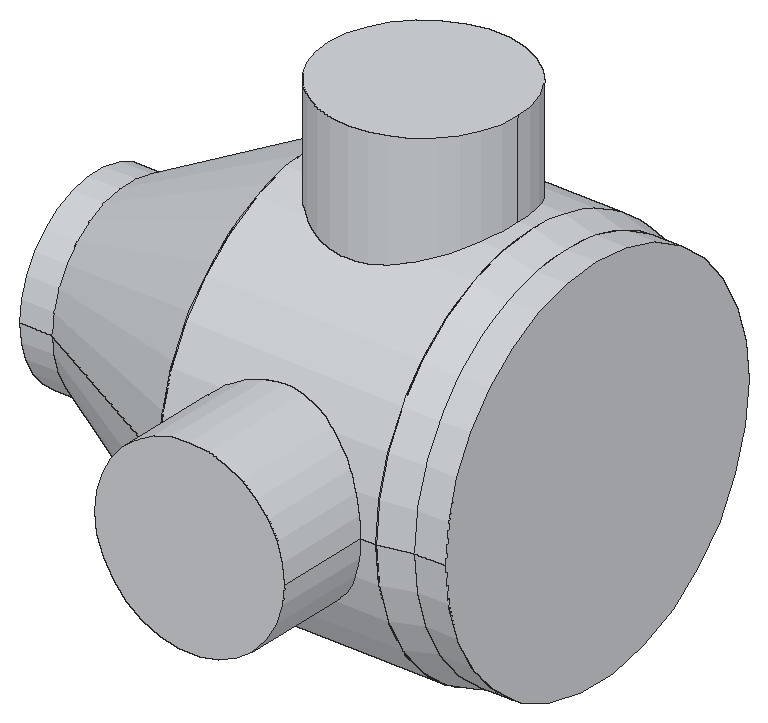
Revit family "cb47bc67f0fc43dfa3734d095f9f09b2", category Duct Fittings, Revit 2021
Family settings
  Round Connector Dimension = Use Radius
  Part Type = Multi Port
  OmniClass Number = 23.75.70.14
  OmniClass Title = Air Ductwork
  Seek Item ID = Round Transition Lateral Cross - 90 Degree - DTL-0000-USA-ENU
  Work Plane-Based = No
  Always vertical = Yes
  Cut with Voids When Loaded = No
  Shared = No
Parameters (values of type "Standard")
  Length Out 1 [instance] = if(Length Out = 0' 0", 0' 0 1/32", Length Out)  # 12"
  Length In 1 [instance] = if(Length In = 0' 0", 0' 0 1/32", Length In)  # 2"
  Default Elevation = 0' - 0"
  Collar Out [instance] = 2"
  Collar In 1 [instance] = if(Collar In = 0' 0", 0' 0 1/32", Collar In)  # 2"
  Collar Out 1 [instance] = if(Collar Out = 0' 0", 0' 0 1/32", Collar Out)  # 2"
  Reference [instance] = (Collar Out 1 + Collar In 1 + Length In 1 + Length Out 1 + Length 14) * 2  # 63 1/2"
  Tap 2 Radius [instance] = 6"
  Tap 1 Radius [instance] = 6"
  Radius In [instance] = 12"
  Radius Out [instance] = 6"
  Offset 4 [instance] = Body Radius + Tap 2 Offset From Center  # 12 1/2"
  Offset 3 [instance] = Body Radius + Tap 1 Offset From Center  # 12 1/2"
  Tap 2 Offset From Center [instance] = 0"
  Tap 1 Offset From Center [instance] = 0"
  Length 9 Horizontal [instance] = if(Tap 2 Angle 1 = 90.00°, Length In + Collar In 1 + abs(Tap 2 Radius / sin(Tap 2 Angle 1)) + Tap 2 Insert + Reference / 2, Length In + Collar In 1 + abs(Tap 2 Radius / sin(Tap 2 Angle 1)) + Tap 2 Insert + (Radius 1) / tan(Tap 2 Angle 1) + Reference / 2)  # 42 3/4"
  Length 8 Horizontal [instance] = if(Tap 1 Angle 1 = 90.00°, Length In + Collar In 1 + abs(Tap 1 Radius / sin(Tap 1 Angle 1)) + Tap 1 Insert + Reference / 2, Length In + Collar In 1 + abs(Tap 1 Radius / sin(Tap 1 Angle 1)) + Tap 1 Insert + (Radius 1) / tan(Tap 1 Angle 1) + Reference / 2)  # 42 3/4"
  Length 9 [instance] = if(Tap 2 Angle 1 = 90.00°, Tap 2 Length + Length 10, Length 10 + Tap 2 Length + abs(Tap 2 Radius / tan(Tap 2 Angle 1)))  # 18 1/2"
  Length 8 [instance] = if(Tap 1 Angle 1 = 90.00°, Tap 1 Length + Length 11, Length 11 + Tap 1 Length + abs(Tap 1 Radius / tan(Tap 1 Angle 1)))  # 18 1/2"
  Length 7 [instance] = Length In + Collar In 1  # 4"
  Length 6 [instance] = Length Out + Collar Out 1  # 14"
  Tap 1 Length [instance] = 6"
  Tap 2 Length [instance] = 6"
  Length In [instance] = 2"
  Length Out [instance] = 12"
  Length 14 [instance] = Body Length  # 13 3/4"
  Length 13 [instance] = if(Tap 2 Offset From Center = 0' 0", Body Radius - 0' 0 3/256", Offset 4)  # 12 125/256"
  Length 12 [instance] = if(Tap 1 Offset From Center = 0' 0", 0' 0 3/256" + Body Radius, Offset 3)  # 12 131/256"
  Length 11 [instance] = Radius 1 / sin(Tap 1 Angle 1)  # 12 1/2"
  Length 10 [instance] = Radius 1 / sin(Tap 2 Angle 1)  # 12 1/2"
  Collar In [instance] = 2"
  Body Length [instance] = 13 3/4"
  Tap 2 Insert [instance] = 1"
  Tap 1 Insert [instance] = 1"
  Tap 2 Diameter [instance] = Tap 2 Radius * 2  # 12"
  Tap 1 Diameter [instance] = Tap 1 Radius * 2  # 12"
  Diameter In [instance] = Radius In * 2  # 24"
  Diameter Out [instance] = Radius Out * 2  # 12"
  Radius 1 [instance] = if(and(Body Radius < Radius Out, Radius Out > Radius In), Radius Out, if(and(Body Radius < Radius In, Radius In > Radius Out), Radius In, Body Radius))  # 12 1/2"
  Body Radius [instance] = 12 1/2"
  Body Diameter [instance] = Body Radius * 2  # 25"
  Assembly Code = ""
  Tap 2 Angle 1 [instance] = 90.00°
  Tap 1 Angle 1 [instance] = 90.00°
Reference planes (in)
  plane 1 "Center (Front/Back)": y = 0
  plane 2: z = 0
  plane 3 "Center (Left/Right)": x = 0
  plane 4: x = -6.875
  plane 5: x = 6.875
  plane 6: x = -18.875
  plane 7: x = -20.875
  plane 8: x = 10.875
  plane 9: x = 8.875
  plane 10: x = -0.125
  plane 11: y = 12.5
  plane 12: y = -12.5
  plane 13: z = 0
  plane 14: z = -12.5
  plane 15: x = -0.125
  plane 16: z = 0.01172
  plane 17: y = 0
  plane 18: y = -0.01172
  plane 19: x = 42.625
Forms (in)
  SweptBlend 1, solid, detail levels medium+fine
    path in 3D
      loop
        line (-6.875, 0, 0) -> (-18.875, 0, 0)
    profile origin (-6.875, 0, 0) x (0, -1, 0) y (0, 0, 1)
      loop
        circle (0, 0) r 12.5
    end profile origin (-18.875, 0, 0) x (0, -1, 0) y (0, 0, 1)
      loop
        circle (0, 0) r 6
  SweptBlend 2, solid, detail levels medium+fine
    path in 3D
      loop
        line (6.875, 0, 0) -> (8.875, 0, 0)
    profile origin (6.875, 0, 0) x (0, 1, 0) y (0, 0, 1)
      loop
        circle (0, 0) r 12.5
    end profile origin (8.875, 0, 0) x (0, 1, 0) y (0, 0, 1)
      loop
        circle (0, 0) r 12
  Sweep 3, solid, detail levels medium+fine
    path in 3D
      loop
        line (-20.875, 0, 0) -> (-6.875, 0, 0)
    profile origin (-13.875, 0, 0) x (0, 1, 0) y (0, 0, 1)
      loop
        circle (0, 0) r 6
  Sweep 4, solid, detail levels medium+fine
    path in 3D
      loop
        line (6.875, 0, 0) -> (10.875, 0, 0)
    profile origin (8.875, 0, 0) x (0, 1, 0) y (0, 0, 1)
      loop
        circle (0, 0) r 12
  Sweep 5, solid, detail levels medium+fine
    path in 3D
      loop
        line (-6.875, 0, 0) -> (6.875, 0, 0)
    profile origin (0, 0, 0) x (0, 1, 0) y (0, 0, 1)
      loop
        circle (0, 0) r 12.5
  Sweep 6, solid, detail levels medium+fine
    path in 3D
      loop
        line (-0.125, 0, 0) -> (-0.125, -18.5, 0)
    profile origin (-0.125, -9.25, 0) x (1, 0, 0) y (0, 0, 1)
      loop
        circle (0, 0) r 6
  Sweep 7, solid, not visible
    path in 3D
      loop
        line (-0.125, 0, 0) -> (-0.125, -18.5, 0)
    profile origin (-0.125, -9.25, 0) x (1, 0, 0) y (0, 0, 1)
      loop
        line (0, 6) -> (0, 0) -> (6, 0)
        arc (6, 0) -> (4.24264, 4.24264) -> (0, 6) r 6
  Sweep 8, solid, detail levels medium+fine
    path in 3D
      loop
        line (-0.125, 0, 0) -> (-0.125, 0, 18.5)
    profile origin (-0.125, 0, 9.25) x (-1, 0, 0) y (0, -1, 0)
      loop
        circle (0, 0) r 6
  Sweep 9, solid, not visible
    path in 3D
      loop
        line (-0.125, 0, 0) -> (-0.125, 0, 18.5)
    profile origin (-0.125, 0, 9.25) x (-1, 0, 0) y (0, -1, 0)
      loop
        line (0, -6) -> (0, 0) -> (-6, 0)
        arc (-6, 0) -> (-4.24264, -4.24264) -> (0, -6) r 6
Cuts and joins
  joined: SweptBlend 1, Sweep 3
  joined: SweptBlend 2, Sweep 4
  joined: Sweep 5, Sweep 6, Sweep 8
Lines and regions (in)
  model lines, detail levels coarse
    curve 1: line (-6.875, 0, 0) -> (6.875, 0, 0)
    curve 2: line (-6.875, 0, 0) -> (-18.875, 0, 0)
    curve 3: line (6.875, 0, 0) -> (8.875, 0, 0)
    curve 6: line (-20.875, 0, 0) -> (-6.875, 0, 0)
    curve 8: line (6.875, 0, 0) -> (10.875, 0, 0)
    curve 14: line (-0.125, 0, 0) -> (-0.125, -18.5, 0)
    curve 15: line (-0.125, 0, 0.01172) -> (-0.125, 0, 0)
    curve 19: line (-0.125, 0, 18.5) -> (-0.125, 0, 0)
    curve 20: line (-0.125, -0.01172, 0) -> (-0.125, 0, 0)
  sketch lines
    curve 4: line (-6.875, 0, 0) -> (-18.875, 0, 0)
    curve 5: line (6.875, 0, 0) -> (8.875, 0, 0)
    curve 7: line (-20.875, 0, 0) -> (-6.875, 0, 0)
    curve 9: line (6.875, 0, 0) -> (10.875, 0, 0)
    curve 10: line (-6.875, 0, 0) -> (6.875, 0, 0)
    curve 12: line (-0.125, 0, 0) -> (-0.125, -18.5, 0)
    curve 13: line (-0.125, 0, 0) -> (-0.125, -18.5, 0)
    curve 17: line (-0.125, 0, 0) -> (-0.125, 0, 18.5)
    curve 18: line (-0.125, 0, 0) -> (-0.125, 0, 18.5)
  reference lines
    curve 11: line (-0.125, 0, 0) -> (-0.125, -18.5, 0)
    curve 16: line (-0.125, 0, 0) -> (-0.125, 0, 18.5)
Dimensions and locks (in)
  equal spacing: plane 4, plane 3 "Center (Left/Right)", plane 5
  "Length 14": plane 4 to plane 5
  "Length Out 1": plane 6 to plane 4
  "Length In 1": plane 5 to plane 9
  "Body Radius": plane 11 to plane 1 "Center (Front/Back)"
  "Body Radius": plane 12 to plane 1 "Center (Front/Back)"
  "Body Radius": plane 2 to plane 14
  "Offset 3": plane 13 to plane 14
  "Length 8": curve 11 to curve 11
  "Length 12": plane 16 to plane 14
  "Offset 4": plane 17 to plane 12
  "Length 13": plane 18 to plane 12
  "Length 9": curve 16 to curve 16
  "Reference": plane 7 to plane 19
  "Length 8 Horizontal": plane 15 to plane 19
  "Length 9 Horizontal": plane 10 to plane 19
  "Collar In 1": plane 9 to plane 8
  "Collar Out 1": plane 7 to plane 6
  "Radius 1": radius of SweptBlend 1 sketch curve
  "Radius Out": radius of SweptBlend 1 sketch curve
  "Radius 1": radius of SweptBlend 2 sketch curve
  "Radius In": radius of SweptBlend 2 sketch curve
  "Radius Out": radius of Sweep 3 sketch curve
  "Radius In": radius of Sweep 4 sketch curve
  "Radius 1": radius of Sweep 5 sketch curve
  "Tap 1 Radius": radius of Sweep 6 sketch curve
  "Tap 1 Radius": radius of Sweep 7 sketch curve
  "Tap 2 Radius": radius of Sweep 8 sketch curve
  "Tap 2 Radius": radius of Sweep 9 sketch curve
  "Tap 1 Angle 1": angle curve 11 to plane 1 "Center (Front/Back)"
  "Tap 2 Angle 1": angle plane 2 to curve 16
  aligned and locked: plane 1 "Center (Front/Back)" to curve 1
  aligned and locked: plane 5 to curve 1
  aligned and locked: plane 6 to curve 2
  aligned and locked: plane 9 to curve 3
  aligned and locked: plane 2 to SweptBlend 1 sketch curve  (x2)
  aligned and locked: plane 1 "Center (Front/Back)" to SweptBlend 1 sketch curve  (x2)
  aligned and locked: plane 1 "Center (Front/Back)" to SweptBlend 2 sketch curve  (x2)
  aligned and locked: plane 2 to SweptBlend 2 sketch curve  (x2)
  aligned and locked: plane 1 "Center (Front/Back)" to curve 6
  aligned and locked: plane 4 to curve 6
  aligned and locked: plane 7 to curve 6
  aligned and locked: plane 1 "Center (Front/Back)" to Sweep 3 sketch curve
  aligned and locked: plane 2 to Sweep 3 sketch curve
  aligned and locked: plane 8 to curve 8
  aligned and locked: plane 1 "Center (Front/Back)" to Sweep 4 sketch curve
  aligned and locked: plane 2 to Sweep 4 sketch curve
  aligned and locked: plane 2 to Sweep 5 sketch curve
  aligned and locked: plane 1 "Center (Front/Back)" to Sweep 5 sketch curve
  aligned and locked: plane 1 "Center (Front/Back)" to curve 11
  aligned and locked: plane 15 to curve 11
  aligned and locked: plane 13 to Sweep 6 sketch curve
  aligned and locked: plane 13 to Sweep 7 sketch curve
  aligned and locked: plane 16 to curve 15
  aligned and locked: plane 2 to curve 16
  aligned and locked: plane 10 to curve 16
  aligned and locked: plane 17 to Sweep 9 sketch curve
  aligned and locked: plane 18 to curve 20
  aligned and locked: plane 17 to Sweep 8 sketch curve
Automatic sketch dimensions
  Sweep 6 sketch curve to profile plane = 0' - 0"
  Sweep 7 sketch curve to profile plane = 0' - 0"
  Sweep 7 sketch curve to Sweep 7 sketch curve = 0' - 0"
  curve 14 to Sweep 7 = 0' - 0"  (x3)
  curve 15 to level = 0' - 0"
  curve 15 to plane 1 "Center (Front/Back)" = 0' - 0"
  plane 13 to curve 15 = 0' - 0 3/256"
  Sweep 8 sketch curve to profile plane = 0' - 0"
  Sweep 9 sketch curve to profile plane = 0' - 0"
  curve 19 to Sweep 9 = 0' - 0"  (x3)
  curve 20 to plane 10 = 0' - 0"
Connectors (in)
  hvac at (-20.875, 0, 0), driven by "Radius Out"
    settings: on cut or joined group of SweptBlend 1, Sweep 3, index 1, duct flow 0 CFM, flow factor 0, pres drop 0.00 in-wg, loss coef 0, conn angle 0.00°, conn width 12", conn height 12", conn diameter 12", duct sys type 28, conn prof type 0, flow config 0, flow direction 0, loss method 0, conn ref index 2, conn util no, is conn primary yes, conn desc ""
  hvac at (10.875, 0, 0), driven by "Radius In"
    settings: on cut or joined group of SweptBlend 2, Sweep 4, index 2, duct flow 0 CFM, flow factor 0, pres drop 0.00 in-wg, loss coef 0, conn angle 0.00°, conn width 12", conn height 12", conn diameter 24", duct sys type 28, conn prof type 0, flow config 0, flow direction 0, loss method 0, conn ref index 1, conn util no, is conn primary no, conn desc ""
  hvac at (-0.125, -18.5, 0), driven by "Tap 1 Radius", driven by "Tap 1 Angle 1"
    settings: on cut or joined group of Sweep 5, Sweep 6, Sweep 8, index 3, duct flow 0 CFM, flow factor 0, pres drop 0.00 in-wg, loss coef 0, conn angle 90.00°, conn width 12", conn height 12", conn diameter 12", duct sys type 28, conn prof type 0, flow config 0, flow direction 0, loss method 0, conn ref index -1, conn util no, is conn primary no, conn desc ""
  hvac at (-0.125, 0, 18.5), driven by "Tap 2 Angle 1", driven by "Tap 2 Radius"
    settings: on cut or joined group of Sweep 5, Sweep 6, Sweep 8, index 4, duct flow 0 CFM, flow factor 0, pres drop 0.00 in-wg, loss coef 0, conn angle 90.00°, conn width 12", conn height 12", conn diameter 12", duct sys type 28, conn prof type 0, flow config 0, flow direction 0, loss method 0, conn ref index -1, conn util no, is conn primary no, conn desc ""
